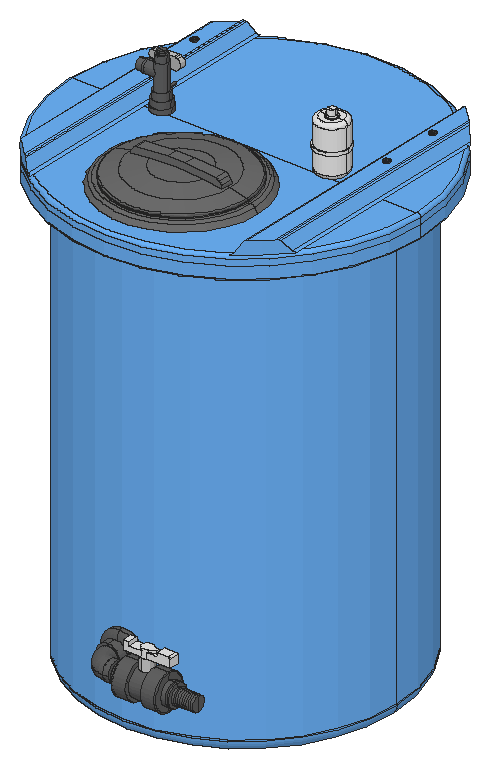
Revit family "QF-Storage_Tank-OptiPure-50G", category Specialty Equipment, Revit 2017
Family settings
  Round Connector Dimension = Use Diameter
  Part Type = Normal
  OmniClass Number = 23.40.40.14
  OmniClass Title = Food Service Equipment
  Work Plane-Based = No
  Always vertical = Yes
  Cut with Voids When Loaded = No
  Shared = No
  Room Calculation Point = No
Parameters (values of type "50G")
  Width = 26.50"
  Valve Material = Plastic
  URL = "WWW.OPTIPUREWATER.COM"
  Tank Material = Blue Plastic
  Plastic Tube = White Plastic
  Material = Black Plastic
  Filtered Water Supply Size = 1/2"
  Filtered Water In = 0.500"
  Case Material = Stainless Steel
  Model = "164-80051 - 50G TANK ASSY"
  Manufacturer = "OPTIPURE"
  Length = 26.50"
  Keynote = "11400"
  Height = 51.8125"
  Description = "WATER STORAGE TANK"
  Connectors Material = White Nylon
  Assembly Code = "E1090300"
Reference planes (in)
  plane 1 "Center (Front/Back)": y = 0
  plane 2: z = 0
  plane 3 "Center (Left/Right)": x = 0
  plane 4: z = 39.34
  plane 5: x = 13.25
  plane 6: x = -13.25
  plane 7: y = 13.25
  plane 8: y = -13.25
  plane 9: z = 26
  plane 10: z = 5.81
Forms (in)
  Revolve 1, solid, material "Blue Plastic" <- "Tank Material"
    sketch origin (0, 0, 0) x (1, 0, 0) y (0, 0, 1)
      loop
        arc (-12.98021, 34.75) -> (-13.17105, 34.67095) -> (-13.25008, 34.4801) r 0.26987
        line (-13.25008, 34.4801) -> (-13.25, 34.00295) -> (-13.25, 33.12088)
        arc (-13.25, 33.12088) -> (-13.1527, 33.03213) -> (-13.02498, 33) r 0.26987
        line (-13.02498, 33) -> (0, 33) -> (0, 34.75) -> (-12.98021, 34.75)
      axis (0, 33) -> (0, 34.75)
    angle from 0 to 360
  Revolve 2, solid, material "Blue Plastic" <- "Tank Material"
    sketch origin (0, 0, 0) x (1, 0, 0) y (0, 0, 1)
      loop
        line (0, 33.00005) -> (-11.74302, 33) -> (-11.65046, 32.97686) -> (-11.56879, 32.93019) -> (-11.51045, 32.84852) -> (-11.49879, 32.75518) -> (-11.49879, 1.00295) -> (-11.4847, 0.88318)
        arc (-11.4847, 0.88318) -> (-11.15606, 0.25273) -> (-10.49154, 0) r 1
        line (-10.49154, 0) -> (0, -0.00001) -> (0, 33.00005)
      axis (0, 33.00005) -> (0, -0.00001)
    angle from 0 to 360
  Extrusion 3, solid, material "Blue Plastic" <- "Tank Material"
    sketch origin (0, 0, -0.36461) x (1, 0, 0) y (0, 0, 1)
      loop
        line (-9.81651, 35.99442) -> (-10.24945, 35.24455)
        arc (-10.24945, 35.24455) -> (-10.31935, 35.16375) -> (-10.41419, 35.11456) r 0.28346
        line (-10.41419, 35.11456) -> (-7.58423, 35.11456)
        arc (-7.58423, 35.11456) -> (-7.67908, 35.16375) -> (-7.74897, 35.24455) r 0.28346
        line (-7.74897, 35.24455) -> (-8.18191, 35.99442) -> (-8.26998, 36.06959) -> (-8.38999, 36.10629) -> (-9.67996, 36.10629)
        arc (-9.67996, 36.10629) -> (-9.75844, 36.0628) -> (-9.81651, 35.99442) r 0.25
    from -12.59795 to 12.80014
  Extrusion 4, void
    sketch origin (0, 0, -0.36461) x (1, 0, 0) y (0, 1, 0)
      loop
        arc (-7.58423, -10.86471) -> (-9.0979, -9.63279) -> (-10.41419, -8.1919) r 13.25
        line (-10.41419, -8.1919) -> (-10.41419, -12.80014) -> (-7.58423, -12.80014) -> (-7.58423, -10.86471)
    from 32.94102 to 36.58493
  Extrusion 5, void
    sketch origin (0, 0, -0.36461) x (1, 0, 0) y (0, 1, 0)
      loop
        line (-7.58423, 12.59795) -> (-10.41419, 12.59795) -> (-10.41419, 8.1919)
        arc (-10.41419, 8.1919) -> (-9.0979, 9.63279) -> (-7.58423, 10.86471) r 13.25
        line (-7.58423, 10.86471) -> (-7.58423, 12.59795)
    from 31.87116 to 36.95629
  Extrusion 6, solid, material "Blue Plastic" <- "Tank Material"
    sketch origin (18, 0, -0.36461) x (1, 0, 0) y (0, 0, 1)
      loop
        line (-9.81651, 35.99442) -> (-10.24945, 35.24455)
        arc (-10.24945, 35.24455) -> (-10.31935, 35.16375) -> (-10.41419, 35.11456) r 0.28346
        line (-10.41419, 35.11456) -> (-7.58423, 35.11456)
        arc (-7.58423, 35.11456) -> (-7.67908, 35.16375) -> (-7.74897, 35.24455) r 0.28346
        line (-7.74897, 35.24455) -> (-8.18191, 35.99442) -> (-8.26998, 36.06959) -> (-8.38999, 36.10629) -> (-9.65066, 36.10629)
        arc (-9.65066, 36.10629) -> (-9.7465, 36.0695) -> (-9.81651, 35.99442) r 0.22818
    from -12.59795 to 12.80014
  Extrusion 7, void
    sketch origin (0, 0, -0.36461) x (1, 0, 0) y (0, 1, 0)
      loop
        arc (10.41577, -8.18989) -> (9.09953, -9.63126) -> (7.58581, -10.86361) r 13.25
        line (7.58581, -10.86361) -> (7.58581, -12.80014) -> (10.41577, -12.80014) -> (10.41577, -8.18989)
    from 32.35284 to 36.92182
  Extrusion 8, void
    sketch origin (0, 0, -0.36461) x (1, 0, 0) y (0, 1, 0)
      loop
        line (7.58581, 12.59795) -> (7.58581, 10.86361)
        arc (7.58581, 10.86361) -> (9.09953, 9.63126) -> (10.41577, 8.18989) r 13.25
        line (10.41577, 8.18989) -> (10.41577, 12.59795) -> (7.58581, 12.59795)
    from 32.22065 to 36.45568
  Revolve 9, solid, material "Black Plastic" <- "Material"
    sketch origin (-1.99498, 0.37787, -0.92711) x (-1, 0, 0) y (0, 0, 1)
      loop
        line (4.57157, 39.66494) -> (4.29168, 39.66494) -> (4.29168, 39.61827) -> (4.38499, 39.61827) -> (4.38499, 39.50166) -> (4.30335, 39.50166) -> (4.30335, 39.455) -> (4.36164, 39.455) -> (4.36164, 39.3967) -> (4.16339, 39.3967) -> (4.16339, 38.93022) -> (4.08176, 38.93022) -> (4.08176, 36.99654) -> (3.9729, 36.99654) -> (3.9729, 36.46649) -> (3.86462, 36.46649) -> (3.86462, 35.98774) -> (3.79489, 35.98774) -> (3.79489, 35.60436) -> (4.57157, 35.60436) -> (4.57157, 39.66494)
      axis (4.57157, 35.60436) -> (4.57157, 39.66494)
    angle from 0 to 360
  Extrusion 10, solid, material "Plastic"
    sketch origin (-1.99498, 1.12787, 0.42376) x (-1, 0, 0) y (0, 0, 1)
      loop
        line (4.48984, 36.3973) -> (4.62985, 36.38564) -> (6.26258, 36.59564) -> (6.36758, 36.63064) -> (6.44925, 36.70065) -> (6.50759, 36.79398) -> (6.51903, 36.89877) -> (6.49592, 37.00377) -> (6.43759, 37.09711) -> (6.34425, 37.16711) -> (6.23925, 37.19044) -> (4.60651, 37.28378) -> (4.46651, 37.27211) -> (4.33839, 37.22544)
        arc (4.33839, 37.22544) -> (4.1299, 36.7594) -> (4.48984, 36.3973) r 0.45109
    from 0.48414 to 0.87213
  Revolve 11, solid, material "Blue Plastic" <- "Tank Material"
    sketch origin (-1.99498, 0.37787, 0.42376) x (-1, 0, 0) y (0, 0, 1)
      loop
        line (6.1926, 37.24873) -> (5.72611, 37.24873) -> (5.72611, 37.30108) -> (5.57451, 37.30108) -> (4.60234, 37.30108) -> (4.60234, 36.83626) -> (6.1926, 36.83626) -> (6.1926, 37.24873)
      axis (4.60234, 36.83626) -> (6.1926, 36.83626)
    angle from 0 to 360
  Extrusion 12, solid, material "Black Plastic" <- "Material"
    sketch origin (-1.99498, 0.49217, -0.92711) x (-1, 0, 0) y (0, 0, 1)
      loop
        circle (4.57363, 36.84055) r 0.10918
    from 0.54815 to 1.11984
  Revolve 13, solid, material "Plastic"
    sketch origin (-0.00578, -6, -0.36461) x (1, 0, 0) y (0, 0, 1)
      loop
        line (-5.77849, 35.11461) -> (0.00578, 35.11461) -> (0.00578, 35.60436) -> (-4.99725, 35.60436) -> (-5.26449, 35.60436)
        arc (-5.26449, 35.60436) -> (-5.40543, 35.57052) -> (-5.51564, 35.47639) r 0.31044
        line (-5.51564, 35.47639) -> (-5.77849, 35.11461)
      axis (0.00578, 35.60436) -> (0.00578, 35.11461)
    angle from 0 to 360
  Extrusion 14, solid, material "Black Plastic" <- "Material"
    sketch origin (0.03547, -6, -0.36461) x (1, 0, 0) y (0, 0, 1)
      loop
        arc (-2.05742, 36.38404) -> (-1.04723, 36.4422) -> (-0.03547, 36.45595) r 23.03419
        arc (-0.03547, 36.45595) -> (0.9763, 36.4422) -> (1.98649, 36.38404) r 23.03419
        arc (1.98649, 36.38404) -> (2.70303, 36.3026) -> (3.41567, 36.19208) r 17.72982
        arc (3.41567, 36.19208) -> (3.41541, 36.3132) -> (3.36736, 36.42438) r 0.30051
        line (3.36736, 36.42438) -> (3.21033, 36.64864)
        arc (3.21033, 36.64864) -> (3.10427, 36.74498) -> (2.96706, 36.78628) r 0.32463
        line (2.96706, 36.78628) -> (0.62688, 36.97023) -> (-0.6913, 36.97023) -> (-3.03799, 36.78628)
        arc (-3.03799, 36.78628) -> (-3.1752, 36.74498) -> (-3.28127, 36.64864) r 0.32463
        line (-3.28127, 36.64864) -> (-3.43829, 36.42438)
        arc (-3.43829, 36.42438) -> (-3.48634, 36.3132) -> (-3.4866, 36.19208) r 0.30051
        arc (-3.4866, 36.19208) -> (-2.77396, 36.3026) -> (-2.05742, 36.38404) r 17.72982
    from -0.43096 to 0.45567
  Revolve 15, solid, material "Black Plastic" <- "Material"
    sketch origin (0, -6, -0.36461) x (1, 0, 0) y (0, 0, 1)
      loop
        arc (-2.05742, 36.38404) -> (-2.88344, 36.28755) -> (-3.70402, 36.15243) r 17.72982
        arc (-3.70402, 36.15243) -> (-4.31258, 36.00973) -> (-4.91689, 35.85002) r 22.27671
        arc (-4.91689, 35.85002) -> (-4.97863, 35.79282) -> (-4.96802, 35.70932) r 0.09203
        line (-4.96802, 35.70932) -> (-4.9097, 35.70932) -> (-4.95637, 35.68598) -> (-4.99137, 35.65098) -> (-5.00303, 35.60436) -> (0, 35.60436) -> (0, 36.45563)
        arc (0, 36.45563) -> (-1.02951, 36.44283) -> (-2.05742, 36.38404) r 23.03419
      axis (0, 36.45563) -> (0, 35.60436)
    angle from 0 to 360
  Revolve 16, solid, material "White Plastic" <- "Plastic Tube"
    sketch origin (-2.64179, 0.27037, -1.30848) x (1, 0, 0) y (0, 0, 1)
      loop
        line (7.85326, 38.35663) -> (7.77164, 38.35662) -> (7.77164, 38.12328) -> (7.85326, 38.12328) -> (7.85326, 36.72398)
        arc (7.85326, 36.72398) -> (7.90459, 36.5605) -> (8.04014, 36.45568) r 0.28604
        arc (8.04014, 36.45568) -> (8.19281, 36.42956) -> (8.34304, 36.4673) r 0.37535
        line (8.34304, 36.4673) -> (8.4388, 36.48797)
        arc (8.4388, 36.48797) -> (8.71637, 36.58024) -> (9.00436, 36.63146) r 2.02018
        line (9.00436, 36.63146) -> (9.00436, 40.17018)
        arc (9.00436, 40.17018) -> (8.89307, 40.16142) -> (8.78148, 40.1585) r 2.13222
        line (8.78148, 40.1585) -> (8.14483, 40.1585)
        arc (8.14483, 40.1585) -> (7.93875, 40.07314) -> (7.85338, 39.86706) r 0.29146
        line (7.85338, 39.86706) -> (7.85326, 38.35663)
      axis (9.00436, 40.17018) -> (9.00436, 36.45568)
    angle from 0 to 360
  Revolve 17, solid, material "White Plastic"
    sketch origin (-2.64179, 0.27037, -0.98768) x (1, 0, 0) y (0, 0, 1)
      loop
        line (8.54856, 39.8377) -> (8.99153, 39.8377) -> (8.99153, 40.32768) -> (8.71971, 40.32767) -> (8.71184, 39.98931) -> (8.60688, 39.98931) -> (8.6069, 39.89604) -> (8.58357, 39.86104) -> (8.54856, 39.8377)
      axis (8.99153, 39.8377) -> (8.99153, 40.32768)
    angle from 0 to 360
  Revolve 18, solid, material "White Plastic"
    sketch origin (-2.64179, 0.27037, 75.17143) x (1, 0, 0) y (0, 0, -1)
      loop
        line (8.72116, 40.42143) -> (8.71422, 40.1231) -> (8.66468, 40.1231) -> (8.66468, 40.08343) -> (8.66468, 39.98931) -> (8.71184, 39.98931) -> (8.99153, 39.98931) -> (8.99153, 40.42143) -> (8.72116, 40.42143)
      axis (8.99153, 39.98931) -> (8.99153, 40.42143)
    angle from 0 to 360
  Extrusion 19, solid, material "Stainless Steel" <- "Case Material"
    sketch origin (9.58723, 7.48609, 35.88708) x (-1, 0, 0) y (0, -1, 0)
      loop
        circle (0.59404, 5.31929) r 0.25
    from 0 to 0.0194
  Extrusion 20, solid, material "Stainless Steel" <- "Case Material"
    sketch origin (9.58723, 7.48609, 35.90648) x (-1, 0, 0) y (0, -1, 0)
      loop
        line (0.59404, 5.51878) -> (0.42128, 5.41904) -> (0.42128, 5.21955) -> (0.59404, 5.11981) -> (0.7668, 5.21955) -> (0.7668, 5.41904) -> (0.59404, 5.51878)
    from 0 to 0.06077
  Extrusion 21, solid, material "Stainless Steel" <- "Case Material"
    sketch origin (9.58723, 7.48609, 35.96725) x (-1, 0, 0) y (0, -1, 0)
      loop
        circle (0.59404, 5.31929) r 0.06887
    from 0.0616 to -0.10038
  Extrusion 22, solid, material "Stainless Steel" <- "Case Material"
    sketch origin (9.58723, 11.79859, 35.88708) x (-1, 0, 0) y (0, -1, 0)
      loop
        circle (0.59404, 5.31929) r 0.25
    from 0 to 0.0194
  Extrusion 23, solid, material "Stainless Steel" <- "Case Material"
    sketch origin (9.58723, 11.79859, 35.90648) x (-1, 0, 0) y (0, -1, 0)
      loop
        line (0.59404, 5.51878) -> (0.42128, 5.41904) -> (0.42128, 5.21955) -> (0.59404, 5.11981) -> (0.7668, 5.21955) -> (0.7668, 5.41904) -> (0.59404, 5.51878)
    from 0 to 0.06077
  Extrusion 24, solid, material "Stainless Steel" <- "Case Material"
    sketch origin (9.58723, 11.79859, 35.96725) x (-1, 0, 0) y (0, -1, 0)
      loop
        circle (0.59404, 5.31929) r 0.06887
    from 0.0616 to -0.10038
  Sweep 25, solid, material "Black Plastic" <- "Material"
    path origin (2.59616, -7.14515, -2.17317) x (0.882948, -0.469472, 0) y (0, 0, 1)
      loop
        line (-15.45747, 28.17317) -> (-18.45747, 28.17317)
        arc (-18.45747, 28.17317) -> (-19.34135, 28.53929) -> (-19.70747, 29.42317) r 1.25
        line (-19.70747, 29.42317) -> (-19.70747, 32.77884)
        arc (-19.70747, 32.77884) -> (-19.82297, 33.05768) -> (-20.1018, 33.17317) r 0.39433
        line (-20.1018, 33.17317) -> (-20.38486, 33.17317)
    profile origin (-12.37639, 0.8159, 26) x (0, 0, -1) y (-0.469472, -0.882948, 0)
      loop
        circle (0, 0) r 0.19531
  Revolve 26, solid, material "Blue Plastic" <- "Tank Material"
    sketch origin (2.59616, -7.14515, -2.17317) x (0.882948, -0.469472, 0) y (0, 0, 1)
      loop
        line (-19.70747, 31) -> (-19.70747, 32.31622) -> (-20.16392, 32.31622) -> (-20.16392, 32.15243) -> (-20.07539, 32.15243) -> (-20.07539, 32.01994) -> (-20.13041, 32.01994) -> (-20.13041, 31.26994) -> (-20.02036, 31.26994) -> (-20.02036, 31.11589) -> (-20.20747, 31.11589) -> (-20.20747, 31) -> (-19.70747, 31)
      axis (-19.70747, 32.31622) -> (-19.70747, 31)
    angle from 0 to 360
  Extrusion 27, solid, material "Blue Plastic" <- "Tank Material"
    sketch origin (-10.99477, 0.08128, 26) x (0, 0, 1) y (-0.469472, -0.882948, 0)
      loop
        line (-0.16126, 0.27931) -> (-0.32252, 0) -> (-0.16126, -0.27931) -> (0.16126, -0.27931) -> (0.32252, 0) -> (0.16126, 0.27931) -> (-0.16126, 0.27931)
    from -1.39533 to -0.15935
  Extrusion 28, solid, material "Blue Plastic" <- "Tank Material"
    sketch origin (-8.18758, 0.37787, 37.26002) x (0, -1, 0) y (0, 0, 1)
      loop
        circle (0, 0) r 0.25
    from 0 to 0.05
  Extrusion 29, solid, material "Stainless Steel" <- "Case Material"
    sketch origin (-9.58723, 7.48609, 35.88708) x (1, 0, 0) y (0, 1, 0)
      loop
        circle (0.59404, -5.31929) r 0.25
    from 0 to 0.0194
  Extrusion 30, solid, material "Stainless Steel" <- "Case Material"
    sketch origin (-9.58723, 7.48609, 35.90648) x (1, 0, 0) y (0, 1, 0)
      loop
        line (0.59404, -5.51878) -> (0.7668, -5.41904) -> (0.7668, -5.21955) -> (0.59404, -5.11981) -> (0.42128, -5.21955) -> (0.42128, -5.41904) -> (0.59404, -5.51878)
    from 0 to 0.06077
  Extrusion 31, solid, material "Stainless Steel" <- "Case Material"
    sketch origin (-9.58723, 7.48609, 35.96725) x (1, 0, 0) y (0, 1, 0)
      loop
        circle (0.59404, -5.31929) r 0.06887
    from 0.0616 to -0.10038
  Extrusion 32, solid, material "Stainless Steel" <- "Case Material"
    sketch origin (-9.58723, 11.79859, 35.88708) x (1, 0, 0) y (0, 1, 0)
      loop
        circle (0.59404, -5.31929) r 0.25
    from 0 to 0.0194
  Extrusion 33, solid, material "Stainless Steel" <- "Case Material"
    sketch origin (-9.58723, 11.79859, 35.90648) x (1, 0, 0) y (0, 1, 0)
      loop
        line (0.59404, -5.51878) -> (0.7668, -5.41904) -> (0.7668, -5.21955) -> (0.59404, -5.11981) -> (0.42128, -5.21955) -> (0.42128, -5.41904) -> (0.59404, -5.51878)
    from 0 to 0.06077
  Extrusion 34, solid, material "Stainless Steel" <- "Case Material"
    sketch origin (-9.58723, 11.79859, 35.96725) x (1, 0, 0) y (0, 1, 0)
      loop
        circle (0.59404, -5.31929) r 0.06887
    from 0.0616 to -0.10038
  Revolve 35, solid, material "Black Plastic" <- "Material"
    sketch origin (12.28664, -13.96239, 52.12705) x (1, 0, 0) y (0, 0, 1)
      loop
        line (-4.61569, -46.31705) -> (-4.61569, -45.79039) -> (-4.77585, -45.77039) -> (-4.77585, -45.80164) -> (-4.936, -45.77039) -> (-4.936, -45.80164) -> (-5.09616, -45.77039) -> (-5.09616, -45.80164) -> (-5.25632, -45.77039) -> (-5.25632, -45.80164) -> (-5.41569, -45.77055) -> (-5.41569, -45.80164) -> (-5.57585, -45.77039) -> (-5.57585, -45.80164) -> (-5.736, -45.77039) -> (-5.736, -45.80164) -> (-5.89538, -45.77039) -> (-5.89538, -45.80164) -> (-5.96223, -45.80164) -> (-5.96223, -45.69428) -> (-6.18211, -45.69428) -> (-6.18211, -45.48047) -> (-6.29009, -45.48047) -> (-6.29009, -45.69428) -> (-6.43437, -45.69428) -> (-6.43437, -45.48047) -> (-6.83366, -45.48047) -> (-6.83366, -45.04492)
        arc (-6.83366, -45.04492) -> (-6.85254, -44.99935) -> (-6.89811, -44.98047) r 0.06445
        line (-6.89811, -44.98047) -> (-7.90481, -44.98047) -> (-7.90481, -45.25) -> (-9.07007, -45.25) -> (-9.07007, -44.98047) -> (-10.07676, -44.98047)
        arc (-10.07676, -44.98047) -> (-10.12234, -44.99935) -> (-10.14121, -45.04492) r 0.06445
        line (-10.14121, -45.04492) -> (-10.14121, -45.48047) -> (-10.54051, -45.48047) -> (-10.54051, -45.69428) -> (-10.79051, -45.69428) -> (-10.79051, -46.31705) -> (-9.07007, -46.31705) -> (-6.83366, -46.31705) -> (-4.61569, -46.31705)
      axis (-10.79051, -46.31705) -> (-4.61569, -46.31705)
    angle from 0 to 360
  Extrusion 36, solid, material "Plastic" <- "Valve Material"
    sketch origin (175.79669, -10.20543, 6.85897) x (1, 0, 0) y (0, -1, 0)
      loop
        circle (-171.99945, 3.755) r 0.5
    from -0.01768 to -0.85938
  Extrusion 37, solid, material "Plastic" <- "Valve Material"
    sketch origin (175.79669, -10.20543, 7.71834) x (1, 0, 0) y (0, 1, 0)
      loop
        line (-171.19867, -3.815) -> (-171.19867, -3.695) -> (-171.73719, -3.46635)
        arc (-171.73719, -3.46635) -> (-172.38945, -3.755) -> (-171.73719, -4.04365) r 0.39
        line (-171.73719, -4.04365) -> (-171.19867, -3.815)
    from 0 to 0.61165
  Extrusion 38, solid, material "Plastic" <- "Valve Material"
    sketch origin (-4.20331, -13.88914, 52.85897) x (-1, 0, 0) y (0, 0, 1)
      loop
        line (-8.80133, -45.14063) -> (-6.50015, -45.14063) -> (-6.50015, -44.42657) -> (-6.94442, -44.42657) -> (-6.94442, -44.67657) -> (-9.06971, -44.67657) -> (-9.06971, -44.42657) -> (-9.87779, -44.42657)
        arc (-9.87779, -44.42657) -> (-9.96618, -44.46319) -> (-10.00279, -44.55157) r 0.125
        line (-10.00279, -44.55157) -> (-10.00279, -45.14063) -> (-8.80133, -45.14063)
    from -0.43171 to 0.28914
  Sweep 39, solid, material "Black Plastic" <- "Material"
    path origin (-23.61326, -162.63068, 5.81) x (-1, 0, 0) y (0, -1, 0)
      loop
        line (-25.10939, -148.66829) -> (-24.67392, -148.66829)
        arc (-24.67392, -148.66829) -> (-23.92392, -148.97895) -> (-23.61326, -149.72895) r 1.06066
    profile origin (1.2784, -13.96239, 5.81) x (0, -1, 0) y (0, 0, 1)
      loop
        circle (0, 0) r 0.75
  Revolve 40, solid, material "Black Plastic" <- "Material"
    sketch origin (0, 0, 0) x (0, 1, 0) y (0, 0, 1)
      loop
        line (-12.90173, 5.81) -> (-11.40937, 5.81) -> (-11.40937, 7.19856) -> (-11.82087, 7.19856)
        arc (-11.82087, 7.19856) -> (-11.97583, 6.85185) -> (-12.01498, 6.47412) r 1.20289
        line (-12.01498, 6.47412) -> (-12.26498, 6.47412) -> (-12.26498, 6.72412) -> (-12.90173, 6.72412) -> (-12.90173, 5.81)
      axis (-12.90173, 5.81) -> (-11.40937, 5.81)
    angle from 0 to 360
Cuts and joins
  Extrusion 4, Extrusion 5 cuts Extrusion 3
  Extrusion 7, Extrusion 8 cuts Extrusion 6
Dimensions and locks (in)
  plane 4 to level = 39.34"
  plane 6 to plane 5 = 26.50"
  plane 8 to plane 7 = 26.50"
  plane 9 to level = 26.00"
  aligned and locked: level to plane 2
Connectors (in)
  piping at (-8.23758, 0.37787, 37.26002), diameter 0.5, driven by "Filtered Water In"
    settings: on Extrusion 28, index 1, connector inside diameter 24", connector length 0.00", flow factor 0, pipe flow 0 GPM, pressure drop 0.00 psi, fitting loss kfactor 0, connector angle 0.00°, fixture units 0, engagement length 0.00", angle of deflection 0.00°, flow configuration 2, flow direction 1, fitting loss method 0, system type 22, joint type 0, gender type 0, connector reference index -1, connector utility 0, adjustable connector no, is connector primary yes, connector description "In"
  piping at (7.67095, -13.96239, 5.81), diameter 0.5, driven by "Filtered Water Supply Size"
    settings: on Revolve 35, index 2, connector inside diameter 24", connector length 0.00", flow factor 0, pipe flow 0 GPM, pressure drop 0.00 psi, fitting loss kfactor 0, connector angle 0.00°, fixture units 0, engagement length 0.00", angle of deflection 0.00°, flow configuration 2, flow direction 2, fitting loss method 0, system type 22, joint type 0, gender type 0, connector reference index -1, connector utility 0, adjustable connector no, is connector primary no, connector description ""
